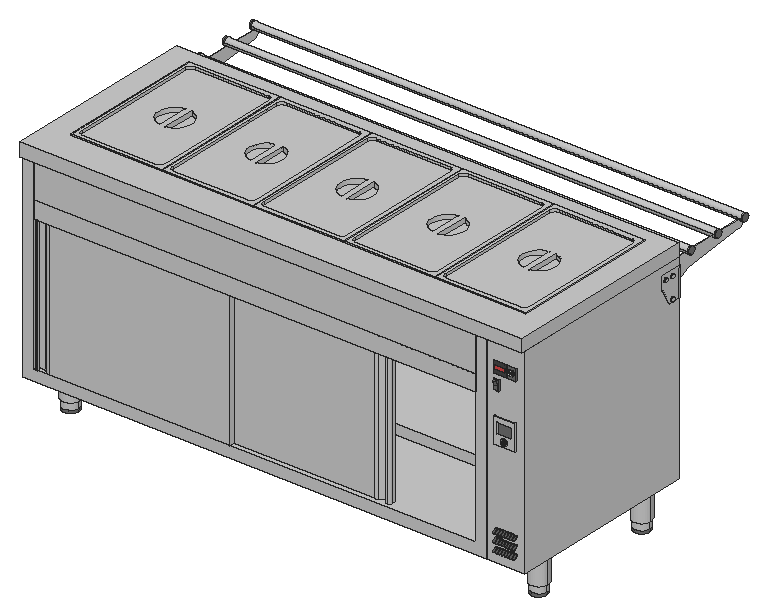
Revit family "QF_INOMAK_MDV718_250604114339", category Specialty Equipment, Revit 2021 (continued)
Definition of nested family "QF_INOMAK_CUPBOARD_RAILS_6838"
  Lines and regions (mm)
    symbolic lines
      curve 17: line (30, 63.5, 756) -> (30, 0, 756)
      curve 18: line (33, 63.5, 756) -> (33, 0, 756)
      curve 19: line (1050, 303.5, 756) -> (1050, 208.5, 756)
      curve 20: line (1047, 303.5, 756) -> (1047, 208.5, 756)
      curve 21: line (1050, 183.5, 756) -> (1050, 88.5, 756)
      curve 22: line (1047, 183.5, 756) -> (1047, 88.5, 756)
      curve 23: line (1050, 63.5, 756) -> (1050, 0, 756)
      curve 24: line (1047, 63.5, 756) -> (1047, 0, 756)
      curve 25: line (1060, 88.5, 756) -> (1060, 63.5, 756)
      curve 26: line (1060, 208.5, 756) -> (1060, 183.5, 756)
      curve 27: line (1060, 328.5, 756) -> (1060, 303.5, 756)
      curve 28: line (20, 328.5, 756) -> (20, 303.5, 756)
      curve 29: line (20, 208.5, 756) -> (20, 183.5, 756)
      curve 30: line (20, 88.5, 756) -> (20, 63.5, 756)
  Dimensions and locks
    "Length": plane 3 "Left" to plane 4 "Right"
    plane 1 "Back" to plane 5 "Front" = 328.5 mm
    plane 6 "Top" to plane 2 = 756 mm
    aligned and locked: level to plane 2
  Automatic sketch dimensions
    plane 3 "Left" to Sweep 1 sketch curve = 20 mm
    plane 4 "Right" to Sweep 1 sketch curve = 20 mm
    Sweep 1 sketch curve to plane 1 "Back" = 76 mm
    Sweep 1 sketch curve to profile plane = 0 mm
    level to Sweep 1 sketch curve = 693 mm
    Extrusion 2 sketch curve to plane 1 "Back" = 76 mm
    Extrusion 2 sketch curve to plane 6 "Top" = 63 mm
    Extrusion 3 sketch curve to plane 1 "Back" = 76 mm
    Extrusion 3 sketch curve to plane 6 "Top" = 63 mm
    plane 3 "Left" to Sweep 4 sketch curve = 20 mm
    plane 4 "Right" to Sweep 4 sketch curve = 20 mm
    Sweep 4 sketch curve to plane 1 "Back" = 196 mm
    Sweep 4 sketch curve to profile plane = 0 mm
    level to Sweep 4 sketch curve = 693 mm
    Extrusion 5 sketch curve to plane 6 "Top" = 63 mm
    Extrusion 5 sketch curve to plane 1 "Back" = 196 mm
    Extrusion 6 sketch curve to plane 6 "Top" = 63 mm
    Extrusion 6 sketch curve to plane 1 "Back" = 196 mm
    plane 3 "Left" to Sweep 7 sketch curve = 20 mm
    plane 4 "Right" to Sweep 7 sketch curve = 20 mm
    Sweep 7 sketch curve to plane 1 "Back" = 316 mm
    Sweep 7 sketch curve to profile plane = 0 mm
    level to Sweep 7 sketch curve = 693 mm
    Extrusion 8 sketch curve to plane 6 "Top" = 63 mm
    Extrusion 8 sketch curve to plane 1 "Back" = 316 mm
    Extrusion 9 sketch curve to plane 6 "Top" = 63 mm
    Extrusion 9 sketch curve to plane 1 "Back" = 316 mm
    Extrusion 10 sketch curve to plane 1 "Back" = 6 mm
    Extrusion 10 sketch curve to Extrusion 10 sketch curve = 59.644 mm
    Extrusion 10 sketch curve to Extrusion 10 sketch curve = 10.356 mm  (x5)
    Extrusion 10 sketch curve to Extrusion 10 sketch curve = 15.594 mm
    Extrusion 10 sketch curve to plane 1 "Back" = 116.97 mm
    Extrusion 10 sketch curve to Extrusion 10 sketch curve = 83.694 mm
    Extrusion 10 sketch curve to Extrusion 10 sketch curve = 98.144 mm
    Extrusion 10 sketch curve to Extrusion 10 sketch curve = 1.144 mm
    Extrusion 10 sketch curve to plane 6 "Top" = 98.295 mm
    Extrusion 10 sketch curve to Extrusion 10 sketch curve = 1.607 mm
    Extrusion 10 sketch curve to Extrusion 10 sketch curve = 15 mm
    Extrusion 10 sketch curve to plane 6 "Top" = 120.292 mm
    Extrusion 10 sketch curve to Extrusion 10 sketch curve = 53.708 mm
    Extrusion 10 sketch curve to Extrusion 10 sketch curve = 8.381 mm
    Extrusion 10 sketch curve to plane 6 "Top" = 70 mm
    Extrusion 10 sketch curve to Extrusion 10 sketch curve = 7 mm  (x2)
    Extrusion 11 sketch curve to Extrusion 11 sketch curve = 0 mm  (x4)
    Extrusion 11 sketch curve to plane 3 "Left" = 0 mm
    plane 1 "Back" to Extrusion 11 sketch curve = 0 mm
    plane 1 "Back" to Extrusion 11 sketch curve = 3 mm
    Extrusion 11 sketch curve to Extrusion 11 sketch curve = 3 mm  (x2)
    Extrusion 11 sketch curve to Extrusion 11 sketch curve = 24 mm
    plane 1 "Back" to Extrusion 12 sketch curve = 81.2 mm
    Extrusion 12 sketch curve to Extrusion 12 sketch curve = 1.34 mm
    Extrusion 12 sketch curve to Extrusion 12 sketch curve = 10 mm
    Extrusion 12 sketch curve to Extrusion 12 sketch curve = 8.66 mm  (x2)
    plane 1 "Back" to Extrusion 12 sketch curve = 49.087 mm
    plane 1 "Back" to Extrusion 12 sketch curve = 3 mm
    Extrusion 12 sketch curve to plane 6 "Top" = 174 mm
    Extrusion 12 sketch curve to Extrusion 12 sketch curve = 5 mm
    Extrusion 12 sketch curve to Extrusion 12 sketch curve = 53.301 mm
    Extrusion 12 sketch curve to Extrusion 12 sketch curve = 30.699 mm
    plane 1 "Back" to Extrusion 13 sketch curve = 36.2 mm
    Extrusion 13 sketch curve to plane 6 "Top" = 88 mm
    plane 1 "Back" to Extrusion 14 sketch curve = 41.396 mm
    Extrusion 14 sketch curve to Extrusion 14 sketch curve = 5.196 mm  (x3)
    Extrusion 14 sketch curve to plane 6 "Top" = 94 mm
    Extrusion 14 sketch curve to Extrusion 14 sketch curve = 3 mm  (x3)
    Extrusion 14 sketch curve to Extrusion 14 sketch curve = 6 mm  (x2)
    plane 1 "Back" to Extrusion 15 sketch curve = 66.2 mm
    Extrusion 15 sketch curve to plane 6 "Top" = 88 mm
    plane 1 "Back" to Extrusion 16 sketch curve = 71.396 mm
    Extrusion 16 sketch curve to Extrusion 16 sketch curve = 5.196 mm  (x3)
    Extrusion 16 sketch curve to plane 6 "Top" = 94 mm
    Extrusion 16 sketch curve to Extrusion 16 sketch curve = 3 mm  (x3)
    Extrusion 16 sketch curve to Extrusion 16 sketch curve = 6 mm  (x2)
    plane 1 "Back" to Extrusion 17 sketch curve = 36.2 mm
    Extrusion 17 sketch curve to plane 6 "Top" = 162 mm
    plane 1 "Back" to Extrusion 18 sketch curve = 41.396 mm
    Extrusion 18 sketch curve to Extrusion 18 sketch curve = 5.196 mm  (x3)
    Extrusion 18 sketch curve to plane 6 "Top" = 168 mm
    Extrusion 18 sketch curve to Extrusion 18 sketch curve = 3 mm  (x3)
    Extrusion 18 sketch curve to Extrusion 18 sketch curve = 6 mm  (x2)
    Extrusion 20 sketch curve to Extrusion 20 sketch curve = 0 mm  (x4)
    Extrusion 20 sketch curve to plane 4 "Right" = 0 mm
    plane 1 "Back" to Extrusion 20 sketch curve = 0 mm
    Extrusion 20 sketch curve to plane 1 "Back" = 3 mm
    Extrusion 20 sketch curve to Extrusion 20 sketch curve = 3 mm  (x2)
    Extrusion 20 sketch curve to Extrusion 20 sketch curve = 24 mm
    Extrusion 19 sketch curve to plane 6 "Top" = 83.381 mm
    Extrusion 19 sketch curve to plane 1 "Back" = 319.5 mm
    Extrusion 19 sketch curve to Extrusion 19 sketch curve = 3.5 mm
    Extrusion 19 sketch curve to plane 6 "Top" = 98.295 mm
    Extrusion 19 sketch curve to Extrusion 19 sketch curve = 13.393 mm
    Extrusion 19 sketch curve to Extrusion 19 sketch curve = 10.356 mm  (x5)
    Extrusion 19 sketch curve to Extrusion 19 sketch curve = 98.144 mm
    Extrusion 19 sketch curve to plane 1 "Back" = 116.97 mm
    Extrusion 19 sketch curve to Extrusion 19 sketch curve = 83.694 mm
    Extrusion 19 sketch curve to Extrusion 19 sketch curve = 15.594 mm
    Extrusion 19 sketch curve to plane 1 "Back" = 6 mm
    Extrusion 19 sketch curve to plane 6 "Top" = 120.292 mm
    Extrusion 19 sketch curve to Extrusion 19 sketch curve = 53.708 mm
    Extrusion 19 sketch curve to Extrusion 19 sketch curve = 8.381 mm
    Extrusion 19 sketch curve to plane 6 "Top" = 70 mm
    Extrusion 19 sketch curve to Extrusion 19 sketch curve = 7 mm  (x2)
    plane 1 "Back" to Extrusion 22 sketch curve = 36.2 mm
    Extrusion 22 sketch curve to plane 6 "Top" = 88 mm
    plane 1 "Back" to Extrusion 23 sketch curve = 31.004 mm
    Extrusion 23 sketch curve to Extrusion 23 sketch curve = 5.196 mm  (x3)
    Extrusion 23 sketch curve to plane 6 "Top" = 94 mm
    Extrusion 23 sketch curve to Extrusion 23 sketch curve = 3 mm  (x3)
    Extrusion 23 sketch curve to Extrusion 23 sketch curve = 6 mm  (x2)
    plane 1 "Back" to Extrusion 24 sketch curve = 66.2 mm
    Extrusion 24 sketch curve to plane 6 "Top" = 88 mm
    plane 1 "Back" to Extrusion 25 sketch curve = 61.004 mm
    Extrusion 25 sketch curve to Extrusion 25 sketch curve = 5.196 mm  (x3)
    Extrusion 25 sketch curve to plane 6 "Top" = 94 mm
    Extrusion 25 sketch curve to Extrusion 25 sketch curve = 3 mm  (x3)
    Extrusion 25 sketch curve to Extrusion 25 sketch curve = 6 mm  (x2)
    plane 1 "Back" to Extrusion 26 sketch curve = 36.2 mm
    Extrusion 26 sketch curve to plane 6 "Top" = 162 mm
    plane 1 "Back" to Extrusion 27 sketch curve = 31.004 mm
    Extrusion 27 sketch curve to Extrusion 27 sketch curve = 5.196 mm  (x3)
    Extrusion 27 sketch curve to plane 6 "Top" = 168 mm
    Extrusion 27 sketch curve to Extrusion 27 sketch curve = 3 mm  (x3)
    Extrusion 27 sketch curve to Extrusion 27 sketch curve = 6 mm  (x2)
    plane 1 "Back" to Extrusion 21 sketch curve = 3 mm
    Extrusion 21 sketch curve to Extrusion 21 sketch curve = 37.426 mm
    Extrusion 21 sketch curve to Extrusion 21 sketch curve = 8.66 mm  (x2)
    Extrusion 21 sketch curve to Extrusion 21 sketch curve = 30.774 mm
    Extrusion 21 sketch curve to Extrusion 21 sketch curve = 0 mm
    Extrusion 21 sketch curve to Extrusion 21 sketch curve = 1.34 mm
    Extrusion 21 sketch curve to plane 6 "Top" = 174 mm
    Extrusion 21 sketch curve to Extrusion 21 sketch curve = 5 mm
    Extrusion 21 sketch curve to Extrusion 21 sketch curve = 53.301 mm
    Extrusion 21 sketch curve to Extrusion 21 sketch curve = 30.699 mm
    plane 1 "Back" to curve 23 = 0 mm
    plane 1 "Back" to curve 17 = 0 mm
    plane 1 "Back" to curve 18 = 0 mm
    plane 1 "Back" to curve 24 = 0 mm
    plane 4 "Right" to curve 3 = 15 mm
    curve 3 to plane 1 "Back" = 63.5 mm
    curve 3 to curve 4 = 25 mm
    plane 3 "Left" to curve 6 = 15 mm
    curve 1 to curve 6 = 95 mm
    curve 6 to curve 6 = 25 mm
    plane 4 "Right" to curve 12 = 15 mm
    curve 5 to curve 12 = 95 mm
    curve 11 to curve 12 = 25 mm
    plane 4 "Right" to curve 8 = 15 mm
    plane 3 "Left" to curve 11 = 15 mm
    plane 3 "Left" to curve 3 = 15 mm
    curve 1 to curve 25 = 5 mm
    curve 9 to curve 27 = 5 mm
    curve 5 to curve 26 = 5 mm
    curve 26 to curve 21 = 10 mm
    plane 4 "Right" to curve 23 = 30 mm
    curve 26 to curve 19 = 10 mm
    curve 19 to curve 20 = 3 mm
    curve 21 to curve 22 = 3 mm
    curve 23 to curve 24 = 3 mm
    curve 16 to curve 1 = 18 mm
    curve 14 to curve 10 = 18 mm
    curve 18 to curve 2 = 18 mm
    curve 18 to curve 17 = 3 mm
    curve 14 to curve 13 = 3 mm
    curve 16 to curve 15 = 3 mm
    curve 28 to curve 10 = 5 mm
    curve 29 to curve 5 = 5 mm
    curve 30 to curve 1 = 5 mm
    radius of Sweep 1 sketch curve = 12.5 mm
    radius of Extrusion 2 sketch curve = 12.5 mm
    radius of Extrusion 3 sketch curve = 12.5 mm
    radius of Sweep 4 sketch curve = 12.5 mm
    radius of Extrusion 5 sketch curve = 12.5 mm
    radius of Extrusion 6 sketch curve = 12.5 mm
    radius of Sweep 7 sketch curve = 12.5 mm
    radius of Extrusion 8 sketch curve = 12.5 mm
    radius of Extrusion 9 sketch curve = 12.5 mm
    radius of Extrusion 13 sketch curve = 7 mm
    radius of Extrusion 15 sketch curve = 7 mm
    radius of Extrusion 17 sketch curve = 7 mm
    radius of Extrusion 22 sketch curve = 7 mm
    radius of Extrusion 24 sketch curve = 7 mm
    radius of Extrusion 26 sketch curve = 7 mm
Definition of nested family "CONN_POINT_COLDWATER_2D___Generic_Annotation"
  Parameters (values of type "CONN_POINT_COLDWATER_2D___Generic_Annotation")
    Onboard connection annotation symbol visibility [instance] = yes
  Reference planes
    plane 1: y = 0
    plane 2: x = 0
  Lines and regions (mm)
    detail lines, visible <- "Onboard connection annotation symbol visibility"
      curve 1: circle (0, 0, 0) r 0.5 normal (0, 0, 1)
      curve 2: line (-1, 0, 0) -> (1, 0, 0)
      curve 3: line (0, 1, 0) -> (0, -1, 0)
      curve 4: line (3.241, 1, 0) -> (3.717, -1, 0)
      curve 5: line (3.717, -1, 0) -> (4.193, 1, 0)
      curve 6: line (4.193, 1, 0) -> (4.669, -1, 0)
      curve 7: line (4.669, -1, 0) -> (5.145, 1, 0)
      curve 8: arc (2.67, 0.524, 0) -> (2.004, 1, 0) -> (1.337, 0.524, 0) r 0.704
      curve 9: arc (1.337, -0.524, 0) -> (2.004, -1, 0) -> (2.67, -0.524, 0) r 0.704
      curve 10: arc (1.337, 0.524, 0) -> (1.25, 0, 0) -> (1.337, -0.524, 0) r 1.616
Definition of nested family "CONN_POINT_DRAIN_2D___Generic_Annotation"
  Parameters (values of type "CONN_POINT_DRAIN_2D___Generic_Annotation")
    Onboard connection annotation symbol visibility [instance] = yes
  Reference planes
    plane 1: y = 0
    plane 2: x = 0
  Lines and regions (mm)
    detail lines, visible <- "Onboard connection annotation symbol visibility"
      curve 1: circle (0, 0, 0) r 0.5 normal (0, 0, 1)
      curve 2: line (-1, 0, 0) -> (1, 0, 0)
      curve 3: line (0, 1, 0) -> (0, -1, 0)
      curve 4: line (1.776, 1, 0) -> (1.25, 1, 0)
      curve 5: line (1.25, 1, 0) -> (1.25, -1, 0)
      curve 6: line (1.25, -1, 0) -> (1.776, -1, 0)
      curve 7: arc (2.206, -0.862, 0) -> (2.459, -0.589, 0) -> (2.583, -0.238, 0) r 0.918
      curve 8: arc (2.583, 0.238, 0) -> (2.459, 0.589, 0) -> (2.206, 0.862, 0) r 0.918
      curve 9: arc (2.583, -0.238, 0) -> (2.599, 0, 0) -> (2.583, 0.238, 0) r 1.77
      curve 10: arc (2.206, 0.862, 0) -> (2.002, 0.965, 0) -> (1.776, 1, 0) r 0.741
      curve 11: arc (1.776, -1, 0) -> (2.002, -0.965, 0) -> (2.206, -0.862, 0) r 0.741
Definition of nested family "CONN_POINT_ELE_2D___Generic_Annotation"
  Parameters (values of type "CONN_POINT_ELE_2D___Generic_Annotation")
    Onboard connection annotation symbol visibility [instance] = yes
  Reference planes
    plane 1: y = 0
    plane 2: x = 0
  Lines and regions (mm)
    detail lines, visible <- "Onboard connection annotation symbol visibility"
      curve 1: circle (0, 0, 0) r 0.5 normal (0, 0, 1)
      curve 2: line (-1, 0, 0) -> (1, 0, 0)
      curve 3: line (0, 1, 0) -> (0, -1, 0)
      curve 4: line (2.5, 1, 0) -> (1.25, 1, 0)
      curve 5: line (1.25, 1, 0) -> (1.25, -1, 0)
      curve 6: line (1.25, -1, 0) -> (2.5, -1, 0)
      curve 7: line (1.25, 0, 0) -> (2, 0, 0)
